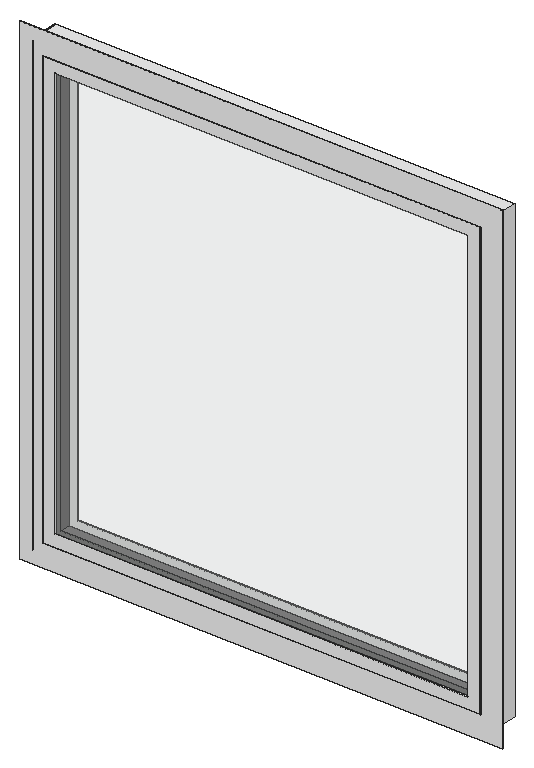
Revit family "Casement_36_A_Side_Hung_Standard", category Windows, host Wall, Revit 2014
Parameters (values of type "Casement_Sash_DG")
  Width Sash [instance] = 30 mm
  Width Sash Inner = 15 mm
  Width Bead = 15 mm
  Top Hung [instance] = yes
  Side Hung Right [instance] = yes
  Side Hung Left [instance] = yes
  Sash Opening Width [instance] = 600 mm
  Sash Opening Height [instance] = 600.312 mm
  Sash Lip = 15 mm
  Glazing Material [instance] = Glass
  DG Start Piece 2 [instance] = DG End Piece 1 + DG Gasket Thickness  # 25 mm
  DG Start Peice 1 [instance] = (Depth Sash - (2 * DG Glazing Thickness) - DG Gasket Thickness) / 2  # 6.6 mm
  Glazing Offset = 5 mm
  DG Glazing Thickness [instance] = 6.4 mm
  DG Gasket Thickness = 12 mm  # constant formula
  DG Gasket Material [instance] = Double Glazing Gasket Material
  DG End Piece 2 [instance] = DG Start Piece 2 + DG Glazing Thickness  # 31.4 mm
  DG End Piece 1 [instance] = DG Start Peice 1 + DG Glazing Thickness  # 13 mm
  Depth Sash [instance] = 38 mm
  Center Vertical Sash [instance] = Sash Opening Height / 2  # 300.156 mm
  Center Horizontal Sash [instance] = Sash Opening Width / 2  # 300 mm
  Bottom Hung [instance] = yes
  Bead Offset = 15 mm
  Aluminium Thickness = 1 mm
  Aluminium Material [instance] = White Powder Coated Aluminium
Reference planes
  plane 1 "Center (Front/Back)": y = 0
  plane 2: z = 0
  plane 3 "Center (Left/Right)": x = 0
Forms (mm)
  Sweep 1, solid, material "White Powder Coated Aluminium" <- "Aluminium Material"
    path origin (16.177, 0, 121.331) x (1, 0, 0) y (0, 0, 1)
      loop
        line (0, 0) -> (600, 0) -> (600, 600.312) -> (0, 600.312) -> (0, 0)
    profile origin (316.177, 0, 121.331) x (0, 0, 1) y (0, -1, 0)
      loop
        line (0, 0) -> (30, 0) -> (30, 1) -> (15, 1) -> (15, 38) -> (-15, 38) -> (-15, 37) -> (0, 37) -> (0, 0)
      loop
        line (14, 1) -> (14, 37) -> (1, 37) -> (1, 1) -> (14, 1)
  Sweep 2, solid, material "White Powder Coated Aluminium" <- "Aluminium Material"
    path origin (0, 0, 0) x (1, 0, 0) y (0, 0, 1)
      loop
        line (31.177, 706.643) -> (31.177, 136.331) -> (601.177, 136.331) -> (601.177, 706.643) -> (31.177, 706.643)
    profile origin (316.177, 0, 706.643) x (0, 0, 1) y (0, -1, 0)
      loop
        line (0, 37) -> (0, 38) -> (-15, 38) -> (-15, 37) -> (0, 37)
  Extrusion 3, solid, material "Glass" <- "Glazing Material"
    sketch origin (0, 0, 0) x (1, 0, 0) y (0, 0, 1)
      loop
        line (36.177, 701.643) -> (36.177, 141.331) -> (596.177, 141.331) -> (596.177, 701.643) -> (36.177, 701.643)
    from 6.6 <- "DG Start Peice 1" to 13 <- "DG End Piece 1"
  Extrusion 4, solid, material "Glass" <- "Glazing Material"
    sketch origin (0, 0, 0) x (1, 0, 0) y (0, 0, 1)
      loop
        line (36.177, 701.643) -> (36.177, 141.331) -> (596.177, 141.331) -> (596.177, 701.643) -> (36.177, 701.643)
    from 31.4 <- "DG End Piece 2" to 25 <- "DG Start Piece 2"
  Sweep 5, solid, material "Double Glazing Gasket Material" <- "DG Gasket Material"
    path origin (0, -13, 0) x (1, 0, 0) y (0, 0, 1)
      loop
        line (36.177, 701.643) -> (36.177, 141.331) -> (596.177, 141.331) -> (596.177, 701.643) -> (36.177, 701.643)
    profile origin (316.177, -13, 701.643) x (0, 0, 1) y (0, -1, 0)
      loop
        line (0, 0) -> (0, 12) -> (-7.96, 12) -> (-7.96, 0) -> (0, 0)
Lines and regions (mm)
  model lines
    curve 1: line (1.177, -38, 736.643) -> (31.177, -38, 706.643)
    curve 2: line (601.177, -38, 706.643) -> (631.177, -38, 736.643)
    curve 3: line (601.177, -38, 136.331) -> (631.177, -38, 106.331)
    curve 4: line (1.177, -38, 106.331) -> (31.177, -38, 136.331)
    curve 5: line (631.177, -37, 736.643) -> (616.177, -37, 721.643)
    curve 6: line (1.177, -37, 736.643) -> (16.177, -37, 721.643)
    curve 7: line (1.177, -37, 106.331) -> (16.177, -37, 121.331)
    curve 8: line (631.177, -37, 106.331) -> (616.177, -37, 121.331)
    curve 9: line (616.177, 0, 121.331) -> (586.177, 0, 151.331)
    curve 10: line (46.177, 0, 151.331) -> (16.177, 0, 121.331)
    curve 11: line (616.177, 0, 721.643) -> (586.177, 0, 691.643)
    curve 12: line (46.177, 0, 691.643) -> (16.177, 0, 721.643)
    curve 13: line (31.177, -38, 691.643) -> (46.177, -38, 691.643)
    curve 14: line (586.177, -38, 691.643) -> (601.177, -38, 691.643)
    curve 15: line (586.177, -38, 151.331) -> (601.177, -38, 151.331)
    curve 16: line (31.177, -38, 151.331) -> (46.177, -38, 151.331)
  model lines, style "GenericModelHiddenLines", visible <- "Top Hung"
    curve 17: line (46.386, -31.4, 690.914) -> (316.177, -31.4, 151.331)
    curve 18: line (316.177, -31.4, 151.331) -> (586.177, -31.4, 691.331)
  model lines, style "GenericModelHiddenLines", visible <- "Bottom Hung"
    curve 19: line (46.177, -31.4, 151.331) -> (316.177, -31.4, 691.331)
    curve 20: line (316.177, -31.4, 691.331) -> (586.177, -31.4, 151.331)
  model lines, style "GenericModelHiddenLines", visible <- "Side Hung Left"
    curve 21: line (46.386, -31.4, 690.914) -> (585.24, -31.4, 421.487)
    curve 22: line (585.24, -31.4, 421.487) -> (46.177, -31.4, 151.331)
  model lines, style "GenericModelHiddenLines", visible <- "Side Hung Right"
    curve 23: line (586.177, -31.4, 691.331) -> (46.177, -31.4, 421.487)
    curve 24: line (46.177, -31.4, 421.487) -> (586.177, -31.4, 151.331)
Dimensions and locks
  "Aluminium Thickness": Sweep 1 sketch curve to Sweep 1 sketch curve  (x4)
  "Depth Sash": Sweep 1 sketch curve to Sweep 1 sketch curve
  "Sash Opening Width": Sweep 1 to Sweep 1
  "Sash Opening Height": Sweep 1 to Sweep 1
  "Width Sash": Sweep 1 sketch curve to Sweep 1 sketch curve  (x2)
  "Width Sash Inner": Sweep 1 sketch curve to Sweep 1 sketch curve
  "Sash Lip": Sweep 1 sketch curve to Sweep 1 sketch curve
  "Aluminium Thickness": Sweep 1 to Sweep 2 sketch curve
  "Glazing Offset": Sweep 2 to Extrusion 3 sketch curve  (x3)
  "Glazing Offset": Extrusion 3 sketch curve to Sweep 2
  Sweep 1 to Sweep 1 = 1 mm
  "Aluminium Thickness": Sweep 2 sketch curve to Sweep 2 sketch curve
  "Width Bead": Sweep 2 sketch curve to Sweep 2 sketch curve
  locked: Sweep 5 sketch curve to Sweep 5 sketch curve at 7.96
  "Center Horizontal Sash": Sweep 1 to curve 18
  "Center Horizontal Sash": Sweep 1 to curve 20
  "Center Vertical Sash": Sweep 1 to curve 22
  "Center Vertical Sash": Sweep 1 to curve 24
  aligned and locked: level to plane 2
  aligned and locked: Sweep 1 sketch curve to Sweep 1 sketch curve  (x2)
  aligned and locked: Sweep 2 sketch curve to Sweep 1  (x5)
  aligned and locked: Extrusion 4 sketch curve to Extrusion 3  (x4)
  aligned and locked: Sweep 5 sketch curve to Extrusion 3  (x5)
  aligned and locked: Extrusion 3 to Sweep 5 sketch curve
Automatic sketch dimensions
  plane 3 "Center (Left/Right)" to Sweep 1 sketch curve = 16.177 mm
  level to Sweep 1 sketch curve = 121.331 mm
  plane 3 "Center (Left/Right)" to Sweep 1 sketch curve = 616.177 mm
  level to Sweep 1 sketch curve = 721.643 mm
  profile plane to Sweep 5 sketch curve = 12 mm
  curve 7 to Sweep 1 = 0 mm  (x4)
  curve 6 to Sweep 1 = 0 mm  (x3)
  Sweep 1 to curve 6 = 0 mm
  curve 5 to Sweep 1 = 0 mm  (x3)
  curve 8 to Sweep 1 = 0 mm  (x4)
  Sweep 1 to curve 5 = 0 mm
  curve 16 to Sweep 2 = 0 mm  (x3)
  curve 13 to Sweep 2 = 0 mm  (x3)
  curve 15 to Sweep 2 = 0 mm
  Sweep 2 to curve 15 = 0 mm  (x2)
  curve 14 to Sweep 2 = 0 mm  (x2)
  Sweep 2 to curve 14 = 0 mm
  curve 1 to Sweep 1 = 0 mm  (x4)
  curve 4 to Sweep 1 = 0 mm  (x3)
  Sweep 1 to curve 4 = 0 mm
  curve 3 to Sweep 1 = 0 mm  (x3)
  curve 2 to Sweep 1 = 0 mm  (x4)
  Sweep 1 to curve 3 = 0 mm
  curve 10 to Sweep 1 = 0 mm  (x4)
  curve 12 to Sweep 1 = 0 mm  (x3)
  Sweep 1 to curve 12 = 0 mm
  curve 9 to Sweep 1 = 0 mm  (x4)
  curve 11 to Sweep 1 = 0 mm  (x3)
  Sweep 1 to curve 11 = 0 mm
  Sweep 1 sketch curve to plane 1 "Center (Front/Back)" = 0 mm
  profile plane to Sweep 1 sketch curve = 0 mm
  curve 21 to Extrusion 4 = 10.208 mm
  curve 19 to Extrusion 4 = 10 mm
  curve 23 to Extrusion 4 = 10 mm  (x2)
  curve 22 to Extrusion 4 = 10.937 mm
  curve 20 to Extrusion 4 = 10 mm
  curve 24 to Extrusion 4 = 10 mm
  curve 22 to Extrusion 4 = 10 mm
  curve 18 to Extrusion 4 = 10 mm
  curve 21 to Extrusion 4 = 10.729 mm
  curve 19 to Extrusion 4 = 10.312 mm
  curve 18 to Extrusion 4 = 10.312 mm
Types in the file's own list only (6): name | Windload Design | Width Sash Opening | Width Sash | Width Profile | Width | URL | Offset Window Exterior | Max System DG Unit Thickness | Max System DG One Piece Thickness | Max Pane Area | Intruderprufe U Value | Intruderprufe SHGC Value | Intruderprufe LowE U Value | Intruderprufe LowE SHGC Value | Intruderprufe Insulated U Value | Intruderprufe Insulated SHGC Value | Intruderprufe Insulated LowE U Value | Intruderprufe Insulated LowE SHGC Value | Height | Energy Advantage U Value | Energy Advantage SHGC Value | DG Thickness Calc | Custom Window Width | Custom Window Height | Window Exterior Offset | Custom Windload | Sash Width | Sash Height | Sash Spacing Inner | Sash Overlap | Sash Center Offset | SG Gasket Thickness | Offset Sash Left | Offset Sash 1 Top | Offset Bead SG Center Reversed | Model | Manufacturer | Limit Window Width Min | Limit Window Width Max | Limit Window Height Min | Limit Window Height Max | Limit Sash Width Min | Limit Sash Width Max | Limit Sash Height Min | Limit Sash Height Max | Height Sash 1 Opening | Height Sash | Description | Frame Center Offset | Depth Bead | Default Sill Height | Wall Closure | DG Gasket Finish | DG Extrusion Start | Clearvue U Value | Clearvue SHGC Value | Clearvue Insulated U Value | Clearvue Insulated SHGC Value | Clearvue Insulated LowE U Value | Clearvue Insulated LowE SHGC Value | Casement Dimension | Bead SG Gap
  36-0609S-1000Pa | 1000 mm | 544 mm | 514 mm | 30 mm | 590 mm | "http://www.crealco.co.za/crealco-products.php" | 18 mm | 25 mm | 6 mm | 0.37 m² | 6.08 | 0.523 | 3 | 0.463 | 4.24 | 0.444 | 3.81 | 0.409 | 890 mm | 4.9 | 0.491 | 4 mm | 590 mm | 890 mm | 0 mm | 1000 mm | 544 mm | 844 mm | 8 mm | 7 mm | 15 mm | 6 mm | 23 mm | 23 mm | 18 mm | "Casement 36" | "Crealco" | 346 mm | 646 mm | 346 mm | 1346 mm | 300 mm | 600 mm | 300 mm | 1300 mm | 844 mm | 814 mm | "Window 36mm, Type A side hung" | 18 mm | 22 mm | 800 mm | By host | Double Glazing Gasket Material | 8 mm | 6.2 | 0.547 | 4.38 | 0.482 | 3.88 | 0.44 | 36 mm | 13 mm
  38-0612S-1000Pa | 1000 mm | 544 mm | 514 mm | 30 mm | 590 mm | "http://www.crealco.co.za/crealco-products.php" | 18 mm | 25 mm | 6 mm | 0.51 m² | 6.05 | 0.547 | 4.7 | 0.484 | 4.12 | 0.465 | 3.66 | 0.426 | 1190 mm | 4.8 | 0.513 | 4 mm | 590 mm | 1190 mm | 0 mm | 1000 mm | 544 mm | 1144 mm | 8 mm | 7 mm | 15 mm | 6 mm | 23 mm | 23 mm | 18 mm | "Casement 36" | "Crealco" | 346 mm | 646 mm | 346 mm | 1346 mm | 300 mm | 600 mm | 300 mm | 1300 mm | 1144 mm | 1114 mm | "Window 36mm, Type A side hung" | 18 mm | 22 mm | 800 mm | By host | Double Glazing Gasket Material | 8 mm | 6.17 | 0.573 | 4.21 | 0.504 | 3.72 | 0.459 | 36 mm | 13 mm
  36-0609S-1500Pa | 1500 mm | 544 mm | 514 mm | 30 mm | 590 mm | "http://www.crealco.co.za/crealco-products.php" | 18 mm | 25 mm | 6 mm | 0.37 m² | 6.08 | 0.523 | 3 | 0.463 | 4.24 | 0.444 | 3.81 | 0.409 | 890 mm | 4.9 | 0.491 | 4 mm | 590 mm | 890 mm | 0 mm | 1500 mm | 544 mm | 844 mm | 8 mm | 7 mm | 15 mm | 6 mm | 23 mm | 23 mm | 18 mm | "Casement 36" | "Crealco" | 346 mm | 646 mm | 346 mm | 1346 mm | 300 mm | 600 mm | 300 mm | 1300 mm | 844 mm | 814 mm | "Window 36mm, Type A side hung" | 18 mm | 22 mm | 800 mm | By host | Double Glazing Gasket Material | 8 mm | 6.2 | 0.547 | 4.38 | 0.482 | 3.88 | 0.44 | 36 mm | 13 mm
  36-0609S-2000Pa | 2000 mm | 544 mm | 514 mm | 30 mm | 590 mm | "http://www.crealco.co.za/crealco-products.php" | 18 mm | 25 mm | 6 mm | 0.37 m² | 6.08 | 0.523 | 3 | 0.463 | 4.24 | 0.444 | 3.81 | 0.409 | 890 mm | 4.9 | 0.491 | 4 mm | 590 mm | 890 mm | 0 mm | 2000 mm | 544 mm | 844 mm | 8 mm | 7 mm | 15 mm | 6 mm | 23 mm | 23 mm | 18 mm | "Casement 36" | "Crealco" | 346 mm | 646 mm | 346 mm | 1346 mm | 300 mm | 600 mm | 300 mm | 1300 mm | 844 mm | 814 mm | "Window 36mm, Type A side hung" | 18 mm | 22 mm | 800 mm | By host | Double Glazing Gasket Material | 8 mm | 6.2 | 0.547 | 4.38 | 0.482 | 3.88 | 0.44 | 36 mm | 13 mm
  38-0612S-1500Pa | 1500 mm | 544 mm | 514 mm | 30 mm | 590 mm | "http://www.crealco.co.za/crealco-products.php" | 18 mm | 25 mm | 6 mm | 0.51 m² | 6.05 | 0.547 | 4.7 | 0.484 | 4.12 | 0.465 | 3.66 | 0.426 | 1190 mm | 4.8 | 0.513 | 4 mm | 590 mm | 1190 mm | 0 mm | 1500 mm | 544 mm | 1144 mm | 8 mm | 7 mm | 15 mm | 6 mm | 23 mm | 23 mm | 18 mm | "Casement 36" | "Crealco" | 346 mm | 646 mm | 346 mm | 1346 mm | 300 mm | 600 mm | 300 mm | 1300 mm | 1144 mm | 1114 mm | "Window 36mm, Type A side hung" | 18 mm | 22 mm | 800 mm | By host | Double Glazing Gasket Material | 8 mm | 6.17 | 0.573 | 4.21 | 0.504 | 3.72 | 0.459 | 36 mm | 13 mm
  38-0612S-2000Pa | 2000 mm | 544 mm | 514 mm | 30 mm | 590 mm | "http://www.crealco.co.za/crealco-products.php" | 18 mm | 25 mm | 6 mm | 0.51 m² | 6.05 | 0.547 | 4.7 | 0.484 | 4.12 | 0.465 | 3.66 | 0.426 | 1190 mm | 4.8 | 0.513 | 4 mm | 590 mm | 1190 mm | 0 mm | 2000 mm | 544 mm | 1144 mm | 8 mm | 7 mm | 15 mm | 6 mm | 23 mm | 23 mm | 18 mm | "Casement 36" | "Crealco" | 346 mm | 646 mm | 346 mm | 1346 mm | 300 mm | 600 mm | 300 mm | 1300 mm | 1144 mm | 1114 mm | "Window 36mm, Type A side hung" | 18 mm | 22 mm | 800 mm | By host | Double Glazing Gasket Material | 8 mm | 6.17 | 0.573 | 4.21 | 0.504 | 3.72 | 0.459 | 36 mm | 13 mm
